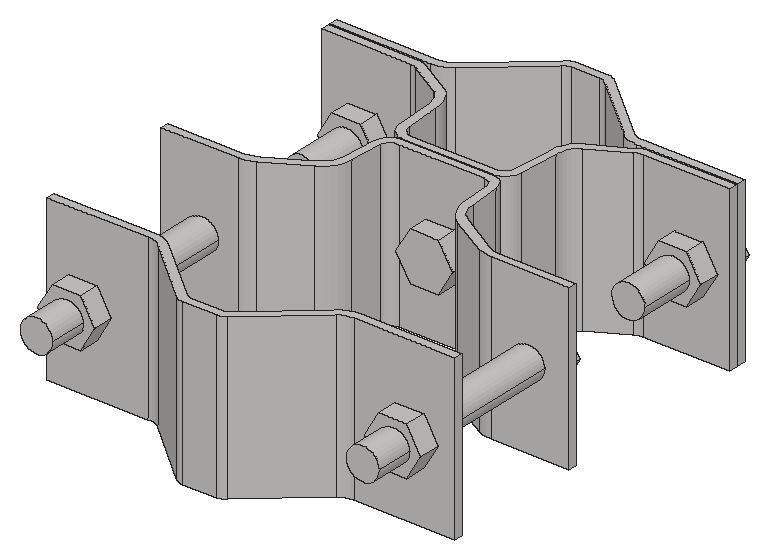
Revit family "FA_КронштейнДляМачтыТрубный_20_75717_EZETEK", category Системы пожарной сигнализации, Revit 2017
Family settings
  Сохранять ориентацию аннотаций = Нет
  Размер круглого соединителя = Использовать радиус
  Тип детали = Нормальный
  На основе рабочей плоскости = Нет
  Всегда вертикально = Да
  При загрузке вырезать с полостями = Нет
  Общий = Да
  Точка расчета площади = Нет
Parameters (values of type "КронштейнДляМачтыТрубный_20_75717")
  Угол = 90.00°  # constant formula
  Производитель_Контакты = "ezetek@ezetek.ru"  # constant formula
  Description = "Кронштейн применяется для закрепления мачт типа СММ или СМЛ на элементы металлических конструкций. Диаметр мачты - от 32 до 63 мм, диаметр трубы - от 32 до 72 мм, просвет крепления 34 мм. Пластины кронштейна выполнены из окрашенной порошковым методом стали, не окрашенные детали оцинкованы. "  # constant formula
  Использовать масштаб аннотаций [instance] = 1 = 0  # 0
  Изготовитель = "Ezetek"  # constant formula
  Группа модели = "Комплектующие для крепления мачт"  # constant formula
  URL = "https://ezetek.ru/"
  ADSK_Этаж [instance] = ""
  ADSK_Примечание [instance] = ""
  ADSK_Позиция [instance] = ""
  ADSK_Обозначение = "75717"
  ADSK_Наименование краткое [instance] = "Кронштейн для мачты"
  ADSK_Наименование = "Кронштейн для мачты 20 мм трубный, сталь"
  ADSK_Материал = BIMLIB_Сталь_Нержавеющая_EZETEK
  ADSK_Масса_Текст = "0.55"  # constant formula
  ADSK_Масса = 0.55  # constant formula
  ADSK_Марка = "75717"
  ADSK_Количество = 1  # constant formula
  ADSK_Код изделия = "75717"
  ADSK_Завод-изготовитель = "Ezetek"  # constant formula
  ADSK_Единица измерения = "шт."  # constant formula
  ADSK_Группирование [instance] = ""
  ADSK_Версия Revit = "2017"  # constant formula
Reference planes
  plane 1 "По центру (Вперед/Назад)": y = 0
  plane 2: z = 0
  plane 3 "По центру (Влево/Вправо)": x = 0
  plane 4: x = -40
  plane 5: x = 40
  plane 6: z = -20
  plane 7: z = 20
  plane 8 "1": y = 44.141
  plane 9 "2": y = -75.859
  plane 10: x = -50
  plane 11: x = 50
  plane 12: y = 42.141
  plane 13: y = 8.266
  plane 14: y = -11.734
Forms (mm)
  Extrusion 1, solid, material "BIMLIB_Сталь_Нержавеющая_EZETEK" <- "ADSK_Материал", detail levels fine
    sketch origin (0, 0, 0) x (1, 0, 0) y (0, 1, 0)
      loop
        line (-25.16, 28.485) -> (-50, 28.485) -> (-50, 26.485) -> (-25.29, 26.485)
        arc (-25.29, 26.485) -> (-22.718, 26.95) -> (-20.473, 28.286) r 7.342
        line (-20.473, 28.286) -> (-5.331, 41.448)
        arc (-5.331, 41.448) -> (-4.468, 41.962) -> (-3.479, 42.141) r 2.824
        line (-3.479, 42.141) -> (3.479, 42.141)
        arc (3.479, 42.141) -> (4.468, 41.962) -> (5.331, 41.448) r 2.824
        line (5.331, 41.448) -> (20.473, 28.286)
        arc (20.473, 28.286) -> (22.718, 26.95) -> (25.29, 26.485) r 7.342
        line (25.29, 26.485) -> (50, 26.485) -> (50, 28.485) -> (25.16, 28.485)
        arc (25.16, 28.485) -> (23.41, 28.801) -> (21.883, 29.71) r 4.995
        line (21.883, 29.71) -> (6.202, 43.341)
        arc (6.202, 43.341) -> (5.205, 43.934) -> (4.063, 44.141) r 3.26
        line (4.063, 44.141) -> (-4.063, 44.141)
        arc (-4.063, 44.141) -> (-5.205, 43.934) -> (-6.202, 43.341) r 3.26
        line (-6.202, 43.341) -> (-21.883, 29.71)
        arc (-21.883, 29.71) -> (-23.41, 28.801) -> (-25.16, 28.485) r 4.995
    from 20 to -20
  Extrusion 2, solid, material "BIMLIB_Сталь_Нержавеющая_EZETEK" <- "ADSK_Материал", detail levels fine
    sketch origin (0, 57.657, 0) x (1, 0, 0) y (0, 1, 0)
      loop
        line (-50, -33.641) -> (-28.399, -33.641)
        arc (-28.399, -33.641) -> (-27.602, -33.746) -> (-26.859, -34.054) r 3.08
        line (-26.859, -34.054) -> (-18.558, -38.846)
        arc (-18.558, -38.846) -> (-16.712, -40.616) -> (-15.895, -43.039) r 5.363
        line (-15.895, -43.039) -> (-14.988, -53.77)
        arc (-14.988, -53.77) -> (-13.669, -56.535) -> (-10.819, -57.657) r 4.179
        line (-10.819, -57.657) -> (10.819, -57.657)
        arc (10.819, -57.657) -> (13.669, -56.535) -> (14.988, -53.77) r 4.179
        line (14.988, -53.77) -> (15.804, -44.116)
        arc (15.804, -44.116) -> (16.191, -41.224) -> (18.164, -39.074) r 4.863
        line (18.164, -39.074) -> (26.67, -34.163)
        arc (26.67, -34.163) -> (27.609, -33.774) -> (28.617, -33.641) r 3.895
        line (28.617, -33.641) -> (50, -33.641) -> (50, -31.641) -> (28.984, -31.641)
        arc (28.984, -31.641) -> (27.675, -31.805) -> (26.446, -32.287) r 5.312
        line (26.446, -32.287) -> (17.316, -37.254)
        arc (17.316, -37.254) -> (14.469, -40.287) -> (13.777, -44.39) r 7.192
        line (13.777, -44.39) -> (13.021, -53.229)
        arc (13.021, -53.229) -> (12.197, -54.956) -> (10.417, -55.657) r 2.61
        line (10.417, -55.657) -> (-10.417, -55.657)
        arc (-10.417, -55.657) -> (-12.197, -54.956) -> (-13.021, -53.229) r 2.61
        line (-13.021, -53.229) -> (-13.777, -44.39)
        arc (-13.777, -44.39) -> (-14.469, -40.287) -> (-17.316, -37.254) r 7.192
        line (-17.316, -37.254) -> (-25.993, -32.244)
        arc (-25.993, -32.244) -> (-27.079, -31.794) -> (-28.244, -31.641) r 4.502
        line (-28.244, -31.641) -> (-50, -31.641) -> (-50, -33.641)
    from 20 to -20
  Extrusion 3, solid, material "BIMLIB_Сталь_Нержавеющая_EZETEK" <- "ADSK_Материал", detail levels fine
    sketch origin (0, 0, 0) x (1, 0, 0) y (0, 1, 0)
      loop
        arc (-15.539, -11.771) -> (-16.534, -14.834) -> (-18.852, -17.072) r 6.658
        line (-18.852, -17.072) -> (-28.107, -22.416)
        arc (-28.107, -22.416) -> (-29.648, -23.054) -> (-31.302, -23.272) r 6.391
        line (-31.302, -23.272) -> (-50, -23.272) -> (-50, -25.272) -> (-30.975, -25.272)
        arc (-30.975, -25.272) -> (-29.119, -25.027) -> (-27.39, -24.311) r 7.17
        line (-27.39, -24.311) -> (-17.555, -18.633)
        arc (-17.555, -18.633) -> (-14.766, -15.94) -> (-13.568, -12.252) r 8.013
        line (-13.568, -12.252) -> (-13.021, -4.428)
        arc (-13.021, -4.428) -> (-12.197, -2.701) -> (-10.417, -2) r 2.61
        line (-10.417, -2) -> (10.417, -2)
        arc (10.417, -2) -> (12.197, -2.701) -> (13.021, -4.428) r 2.61
        line (13.021, -4.428) -> (13.568, -12.252)
        arc (13.568, -12.252) -> (14.766, -15.94) -> (17.555, -18.633) r 8.013
        line (17.555, -18.633) -> (27.39, -24.311)
        arc (27.39, -24.311) -> (29.119, -25.027) -> (30.975, -25.272) r 7.17
        line (30.975, -25.272) -> (50, -25.272) -> (50, -23.272) -> (31.302, -23.272)
        arc (31.302, -23.272) -> (29.648, -23.054) -> (28.107, -22.416) r 6.391
        line (28.107, -22.416) -> (18.852, -17.072)
        arc (18.852, -17.072) -> (16.534, -14.834) -> (15.539, -11.771) r 6.658
        line (15.539, -11.771) -> (14.988, -3.887)
        arc (14.988, -3.887) -> (13.669, -1.123) -> (10.819, 0) r 4.179
        line (10.819, 0) -> (-10.819, 0)
        arc (-10.819, 0) -> (-13.669, -1.123) -> (-14.988, -3.887) r 4.179
        line (-14.988, -3.887) -> (-15.539, -11.771)
    from 20 to -20
  Extrusion 4, solid, material "BIMLIB_Сталь_Нержавеющая_EZETEK" <- "ADSK_Материал", detail levels fine
    sketch origin (0, -31.719, 0) x (1, 0, 0) y (0, 1, 0)
      loop
        arc (-25.16, -28.485) -> (-23.41, -28.801) -> (-21.883, -29.71) r 4.995
        line (-21.883, -29.71) -> (-6.202, -43.341)
        arc (-6.202, -43.341) -> (-5.205, -43.934) -> (-4.063, -44.141) r 3.26
        line (-4.063, -44.141) -> (4.063, -44.141)
        arc (4.063, -44.141) -> (5.205, -43.934) -> (6.202, -43.341) r 3.26
        line (6.202, -43.341) -> (21.883, -29.71)
        arc (21.883, -29.71) -> (23.41, -28.801) -> (25.16, -28.485) r 4.995
        line (25.16, -28.485) -> (50, -28.485) -> (50, -26.485) -> (25.29, -26.485)
        arc (25.29, -26.485) -> (22.718, -26.95) -> (20.473, -28.286) r 7.342
        line (20.473, -28.286) -> (5.331, -41.448)
        arc (5.331, -41.448) -> (4.468, -41.962) -> (3.479, -42.141) r 2.824
        line (3.479, -42.141) -> (-3.479, -42.141)
        arc (-3.479, -42.141) -> (-4.468, -41.962) -> (-5.331, -41.448) r 2.824
        line (-5.331, -41.448) -> (-20.473, -28.286)
        arc (-20.473, -28.286) -> (-22.718, -26.95) -> (-25.29, -26.485) r 7.342
        line (-25.29, -26.485) -> (-50, -26.485) -> (-50, -28.485) -> (-25.16, -28.485)
    from 20 to -20
  Extrusion 5, solid, material "BIMLIB_Сталь_Нержавеющая_EZETEK", detail levels fine
    sketch origin (11.462, 0, 0) x (1, 0, 0) y (0, 0, 1)
      loop
        circle (-51.462, 0) r 4
      loop
        circle (28.538, 0) r 4
    from -5.4 to -19.001
  Extrusion 6, solid, material "BIMLIB_Сталь_Нержавеющая_EZETEK", detail levels fine
    sketch origin (11.462, -47.725, 0) x (1, 0, 0) y (0, 0, 1)
      loop
        circle (-51.462, 0) r 4
      loop
        circle (28.538, 0) r 4
    from 28.134 to -22.454
  Extrusion 7, solid, material "BIMLIB_Сталь_Нержавеющая_EZETEK", detail levels fine
    sketch origin (11.462, 0, 0) x (1, 0, 0) y (0, 0, 1)
      loop
        line (-54.926, 6) -> (-58.39, 0) -> (-54.926, -6) -> (-47.998, -6) -> (-44.534, 0) -> (-47.998, 6) -> (-54.926, 6)
    from -28.485 to -33.5
  Extrusion 8, solid, material "BIMLIB_Сталь_Нержавеющая_EZETEK", detail levels fine
    sketch origin (11.462, -9.484, 0) x (1, 0, 0) y (0, 0, 1)
      loop
        line (-54.926, 6) -> (-58.39, 0) -> (-54.926, -6) -> (-47.998, -6) -> (-44.534, 0) -> (-47.998, 6) -> (-54.926, 6)
    from -28.485 to -33.5
  Extrusion 9, solid, material "BIMLIB_Сталь_Нержавеющая_EZETEK", detail levels fine
    sketch origin (-11.462, 0, 0) x (-1, 0, 0) y (0, 0, -1)
      loop
        line (-54.926, -6) -> (-47.998, -6) -> (-44.534, 0) -> (-47.998, 6) -> (-54.926, 6) -> (-58.39, 0) -> (-54.926, -6)
    from -28.485 to -33.5
  Extrusion 10, solid, material "BIMLIB_Сталь_Нержавеющая_EZETEK", detail levels fine
    sketch origin (-11.462, -9.484, 0) x (-1, 0, 0) y (0, 0, -1)
      loop
        line (-54.926, -6) -> (-47.998, -6) -> (-44.534, 0) -> (-47.998, 6) -> (-54.926, 6) -> (-58.39, 0) -> (-54.926, -6)
    from -28.485 to -33.5
  Extrusion 11, solid, material "BIMLIB_Сталь_Нержавеющая_EZETEK", detail levels fine
    sketch origin (11.462, -51.757, 0) x (1, 0, 0) y (0, 0, 1)
      loop
        line (-54.926, 6) -> (-58.39, 0) -> (-54.926, -6) -> (-47.998, -6) -> (-44.534, 0) -> (-47.998, 6) -> (-54.926, 6)
    from -28.485 to -33.5
  Extrusion 12, solid, material "BIMLIB_Сталь_Нержавеющая_EZETEK", detail levels fine
    sketch origin (-11.462, -51.757, 0) x (-1, 0, 0) y (0, 0, -1)
      loop
        line (-54.926, -6) -> (-47.998, -6) -> (-44.534, 0) -> (-47.998, 6) -> (-54.926, 6) -> (-58.39, 0) -> (-54.926, -6)
    from -28.485 to -33.5
  Extrusion 13, solid, material "BIMLIB_Сталь_Нержавеющая_EZETEK", detail levels fine
    sketch origin (11.462, -95.181, 0) x (1, 0, 0) y (0, 0, 1)
      loop
        line (-54.926, 6) -> (-58.39, 0) -> (-54.926, -6) -> (-47.998, -6) -> (-44.534, 0) -> (-47.998, 6) -> (-54.926, 6)
    from -28.485 to -33.5
  Extrusion 14, solid, material "BIMLIB_Сталь_Нержавеющая_EZETEK", detail levels fine
    sketch origin (-11.462, -95.181, 0) x (-1, 0, 0) y (0, 0, -1)
      loop
        line (-54.926, -6) -> (-47.998, -6) -> (-44.534, 0) -> (-47.998, 6) -> (-54.926, 6) -> (-58.39, 0) -> (-54.926, -6)
    from -28.485 to -33.5
  Extrusion 15, solid, material "BIMLIB_Сталь_Нержавеющая_EZETEK", detail levels fine
    sketch origin (51.462, -35.5, 0) x (1, 0, 0) y (0, 0, 1)
      loop
        line (-54.926, 6) -> (-58.39, 0) -> (-54.926, -6) -> (-47.998, -6) -> (-44.534, 0) -> (-47.998, 6) -> (-54.926, 6)
    from -28.485 to -33.5
  Extrusion 16, solid, material "BIMLIB_Сталь_Нержавеющая_EZETEK", detail levels fine
    sketch origin (51.462, 35.5, 0) x (1, 0, 0) y (0, 0, -1)
      loop
        line (-54.926, -6) -> (-47.998, -6) -> (-44.534, 0) -> (-47.998, 6) -> (-54.926, 6) -> (-58.39, 0) -> (-54.926, -6)
    from -28.485 to -33.5
Dimensions and locks
  equal spacing: plane 7, plane 2, plane 6
  locked: plane 7 to plane 2 at 20
  locked: plane 8 "1" to plane 9 "2" at 120
  equal spacing: plane 10, plane 3 "По центру (Влево/Вправо)", plane 11
  equal spacing: plane 4, plane 3 "По центру (Влево/Вправо)", plane 5
  locked: plane 4 to plane 3 "По центру (Влево/Вправо)" at 40
  locked: plane 10 to plane 3 "По центру (Влево/Вправо)" at 50
  locked: plane 13 to plane 14 at 20
  plane 3 "По центру (Влево/Вправо)" to Extrusion 3 = 50 mm
  plane 8 "1" to plane 13 = 35.875 mm
  plane 14 to plane 9 "2" = 64.125 mm
  aligned and locked: level to plane 2
  aligned and locked: Extrusion 1 sketch curve to plane 10
  aligned and locked: plane 7 to Extrusion 2
  aligned and locked: Extrusion 2 to plane 6
  aligned and locked: plane 7 to Extrusion 1
  aligned and locked: Extrusion 1 to plane 6
  aligned and locked: plane 7 to Extrusion 3
Automatic sketch dimensions
  Extrusion 1 sketch curve to plane 8 "1" = 0 mm
  Extrusion 1 sketch curve to plane 12 = 0 mm
  Extrusion 1 sketch curve to plane 11 = 0 mm
  plane 4 to Extrusion 1 sketch curve = 14.71 mm
  Extrusion 1 sketch curve to Extrusion 1 sketch curve = 0.13 mm  (x2)
  Extrusion 1 sketch curve to Extrusion 1 sketch curve = 3.277 mm  (x2)
  Extrusion 1 sketch curve to Extrusion 1 sketch curve = 1.41 mm  (x2)
  Extrusion 1 sketch curve to plane 8 "1" = 0.8 mm  (x2)
  Extrusion 1 sketch curve to plane 3 "По центру (Влево/Вправо)" = 6.202 mm
  Extrusion 1 sketch curve to plane 12 = 0.693 mm  (x2)
  Extrusion 1 sketch curve to Extrusion 1 sketch curve = 0.871 mm  (x2)
  Extrusion 1 sketch curve to Extrusion 1 sketch curve = 2.139 mm
  Extrusion 1 sketch curve to Extrusion 1 sketch curve = 0.585 mm  (x2)
  plane 3 "По центру (Влево/Вправо)" to Extrusion 1 sketch curve = 3.479 mm
  Extrusion 1 sketch curve to Extrusion 1 sketch curve = 1.268 mm
  plane 5 to Extrusion 1 sketch curve = 19.527 mm
  Extrusion 1 sketch curve to plane 12 = 8.313 mm  (x2)
  Extrusion 1 sketch curve to Extrusion 1 sketch curve = 0.348 mm  (x2)
  Extrusion 1 sketch curve to Extrusion 1 sketch curve = 3.77 mm  (x2)
  Extrusion 1 sketch curve to Extrusion 1 sketch curve = 1.424 mm  (x2)
  Extrusion 2 sketch curve to plane 10 = 0 mm
  plane 1 "По центру (Вперед/Назад)" to Extrusion 2 sketch curve = 0 mm
  Extrusion 2 sketch curve to plane 11 = 0 mm
  Extrusion 2 sketch curve to plane 4 = 11.601 mm
  Extrusion 2 sketch curve to Extrusion 2 sketch curve = 0.155 mm
  Extrusion 2 sketch curve to Extrusion 2 sketch curve = 1.54 mm
  Extrusion 2 sketch curve to Extrusion 2 sketch curve = 0.866 mm
  Extrusion 2 sketch curve to Extrusion 2 sketch curve = 7.16 mm
  Extrusion 2 sketch curve to Extrusion 2 sketch curve = 0.327 mm
  Extrusion 2 sketch curve to plane 13 = 10.545 mm
  Extrusion 2 sketch curve to Extrusion 2 sketch curve = 2.354 mm
  Extrusion 2 sketch curve to Extrusion 2 sketch curve = 1.242 mm
  Extrusion 2 sketch curve to plane 13 = 6.353 mm
  Extrusion 2 sketch curve to Extrusion 2 sketch curve = 2.662 mm
  plane 1 "По центру (Вперед/Назад)" to Extrusion 2 sketch curve = 3.887 mm  (x2)
  Extrusion 2 sketch curve to Extrusion 2 sketch curve = 0.908 mm
  Extrusion 2 sketch curve to plane 13 = 5.002 mm  (x2)
  Extrusion 2 sketch curve to Extrusion 2 sketch curve = 2.118 mm
  plane 13 to Extrusion 2 sketch curve = 3.837 mm  (x2)
  Extrusion 2 sketch curve to Extrusion 2 sketch curve = 1.967 mm  (x2)
  Extrusion 2 sketch curve to Extrusion 2 sketch curve = 2.202 mm  (x2)
  Extrusion 2 sketch curve to Extrusion 2 sketch curve = 0.402 mm  (x2)
  plane 1 "По центру (Вперед/Назад)" to Extrusion 2 sketch curve = 2 mm
  Extrusion 2 sketch curve to plane 3 "По центру (Влево/Вправо)" = 10.417 mm
  Extrusion 2 sketch curve to Extrusion 2 sketch curve = 0.757 mm
  Extrusion 2 sketch curve to plane 13 = 5.276 mm
  Extrusion 2 sketch curve to Extrusion 2 sketch curve = 2.027 mm
  Extrusion 2 sketch curve to plane 13 = 12.138 mm
  Extrusion 2 sketch curve to Extrusion 2 sketch curve = 1.512 mm
  Extrusion 2 sketch curve to plane 13 = 10.318 mm
  Extrusion 2 sketch curve to Extrusion 2 sketch curve = 0.849 mm
  Extrusion 2 sketch curve to Extrusion 2 sketch curve = 4.792 mm
  Extrusion 2 sketch curve to Extrusion 2 sketch curve = 0.316 mm
  Extrusion 2 sketch curve to Extrusion 2 sketch curve = 9.13 mm
  Extrusion 2 sketch curve to Extrusion 2 sketch curve = 0.224 mm
  Extrusion 2 sketch curve to Extrusion 2 sketch curve = 1.948 mm
  Extrusion 2 sketch curve to Extrusion 2 sketch curve = 0.367 mm
  Extrusion 2 sketch curve to Extrusion 2 sketch curve = 1.592 mm
  Extrusion 2 sketch curve to Extrusion 2 sketch curve = 6.529 mm
  Extrusion 2 sketch curve to Extrusion 2 sketch curve = 6.769 mm
  Extrusion 2 sketch curve to Extrusion 2 sketch curve = 0.578 mm
  Extrusion 2 sketch curve to Extrusion 2 sketch curve = 2.79 mm
  Extrusion 2 sketch curve to Extrusion 2 sketch curve = 2.089 mm
  Extrusion 2 sketch curve to Extrusion 2 sketch curve = 3.312 mm
  Extrusion 2 sketch curve to Extrusion 2 sketch curve = 1.876 mm
  Extrusion 2 sketch curve to Extrusion 2 sketch curve = 1.81 mm
  Extrusion 3 sketch curve to plane 10 = 0 mm
  plane 1 "По центру (Вперед/Назад)" to Extrusion 3 sketch curve = 0 mm
  Extrusion 3 sketch curve to plane 11 = 0 mm
  plane 4 to Extrusion 3 sketch curve = 8.698 mm
  Extrusion 3 sketch curve to Extrusion 3 sketch curve = 0.327 mm  (x2)
  Extrusion 3 sketch curve to Extrusion 3 sketch curve = 3.195 mm
  Extrusion 3 sketch curve to Extrusion 3 sketch curve = 0.717 mm  (x2)
  plane 14 to Extrusion 3 sketch curve = 0.428 mm  (x2)
  Extrusion 3 sketch curve to Extrusion 3 sketch curve = 9.121 mm
  plane 14 to Extrusion 3 sketch curve = 0.041 mm  (x2)
  Extrusion 3 sketch curve to Extrusion 3 sketch curve = 0.619 mm
  Extrusion 3 sketch curve to plane 14 = 5.338 mm  (x2)
  Extrusion 3 sketch curve to Extrusion 3 sketch curve = 2.71 mm
  Extrusion 3 sketch curve to plane 14 = 6.899 mm  (x2)
  Extrusion 3 sketch curve to Extrusion 3 sketch curve = 1.297 mm  (x2)
  Extrusion 3 sketch curve to plane 14 = 0.036 mm  (x2)
  plane 1 "По центру (Вперед/Назад)" to Extrusion 3 sketch curve = 3.887 mm  (x2)
  Extrusion 3 sketch curve to Extrusion 3 sketch curve = 0.551 mm
  Extrusion 3 sketch curve to plane 14 = 0.518 mm  (x2)
  plane 1 "По центру (Вперед/Назад)" to Extrusion 3 sketch curve = 4.428 mm  (x2)
  Extrusion 3 sketch curve to Extrusion 3 sketch curve = 1.967 mm  (x2)
  Extrusion 3 sketch curve to Extrusion 3 sketch curve = 2.202 mm  (x2)
  Extrusion 3 sketch curve to Extrusion 3 sketch curve = 0.402 mm  (x2)
  plane 1 "По центру (Вперед/Назад)" to Extrusion 3 sketch curve = 4.61 mm
  plane 3 "По центру (Влево/Вправо)" to Extrusion 3 sketch curve = 10.417 mm
  Extrusion 3 sketch curve to Extrusion 3 sketch curve = 0.547 mm
  Extrusion 3 sketch curve to Extrusion 3 sketch curve = 1.971 mm
  Extrusion 3 sketch curve to Extrusion 3 sketch curve = 2.016 mm
  Extrusion 3 sketch curve to Extrusion 3 sketch curve = 8.538 mm
  Extrusion 3 sketch curve to Extrusion 3 sketch curve = 2.868 mm
  Extrusion 3 sketch curve to plane 14 = 10.681 mm  (x2)
  Extrusion 3 sketch curve to Extrusion 3 sketch curve = 0.856 mm  (x2)
  Extrusion 3 sketch curve to Extrusion 3 sketch curve = 1.896 mm  (x2)
  Extrusion 3 sketch curve to Extrusion 3 sketch curve = 2 mm  (x2)
  Extrusion 4 sketch curve to plane 10 = 0 mm
  plane 9 "2" to Extrusion 4 sketch curve = 0 mm
  Extrusion 4 sketch curve to plane 11 = 0 mm
  Extrusion 4 sketch curve to plane 4 = 14.71 mm
  Extrusion 4 sketch curve to Extrusion 4 sketch curve = 0.13 mm  (x2)
  Extrusion 4 sketch curve to Extrusion 4 sketch curve = 3.277 mm  (x2)
  Extrusion 4 sketch curve to Extrusion 4 sketch curve = 1.41 mm  (x2)
  plane 9 "2" to Extrusion 4 sketch curve = 0.8 mm  (x2)
  plane 3 "По центру (Влево/Вправо)" to Extrusion 4 sketch curve = 6.202 mm
  plane 9 "2" to Extrusion 4 sketch curve = 2.693 mm  (x2)
  Extrusion 4 sketch curve to Extrusion 4 sketch curve = 0.871 mm  (x2)
  Extrusion 4 sketch curve to Extrusion 4 sketch curve = 2.139 mm
  Extrusion 4 sketch curve to Extrusion 4 sketch curve = 0.585 mm  (x2)
  Extrusion 4 sketch curve to plane 3 "По центру (Влево/Вправо)" = 3.479 mm
  Extrusion 4 sketch curve to Extrusion 4 sketch curve = 1.268 mm
  Extrusion 4 sketch curve to plane 5 = 19.527 mm
  Extrusion 4 sketch curve to Extrusion 4 sketch curve = 1.564 mm
  plane 9 "2" to Extrusion 4 sketch curve = 10.313 mm  (x2)
  Extrusion 4 sketch curve to Extrusion 4 sketch curve = 0.348 mm  (x2)
  Extrusion 4 sketch curve to Extrusion 4 sketch curve = 3.77 mm  (x2)
  Extrusion 4 sketch curve to Extrusion 4 sketch curve = 1.424 mm  (x2)
  Extrusion 5 sketch curve to level = 0 mm  (x2)
  Extrusion 5 sketch curve to plane 4 = 0 mm
  plane 5 to Extrusion 5 sketch curve = 0 mm
  Extrusion 6 sketch curve to level = 0 mm  (x2)
  Extrusion 6 sketch curve to plane 4 = 0 mm
  plane 5 to Extrusion 6 sketch curve = 0 mm
  Extrusion 8 sketch curve to level = 0 mm  (x2)
  plane 10 to Extrusion 8 sketch curve = 3.072 mm
  Extrusion 8 sketch curve to plane 4 = 3.464 mm  (x2)
  plane 4 to Extrusion 8 sketch curve = 3.464 mm  (x2)
  Extrusion 8 sketch curve to Extrusion 8 sketch curve = 3.464 mm
  Extrusion 8 sketch curve to level = 6 mm
  level to Extrusion 8 sketch curve = 6 mm
  Extrusion 9 sketch curve to level = 0 mm  (x2)
  Extrusion 9 sketch curve to plane 11 = 3.072 mm
  Extrusion 9 sketch curve to plane 5 = 3.464 mm  (x2)
  plane 5 to Extrusion 9 sketch curve = 3.464 mm  (x2)
  Extrusion 9 sketch curve to Extrusion 9 sketch curve = 3.464 mm
  level to Extrusion 9 sketch curve = 6 mm
  Extrusion 9 sketch curve to level = 6 mm
  Extrusion 10 sketch curve to level = 0 mm  (x2)
  Extrusion 10 sketch curve to plane 11 = 3.072 mm
  Extrusion 10 sketch curve to plane 5 = 3.464 mm  (x2)
  plane 5 to Extrusion 10 sketch curve = 3.464 mm  (x2)
  Extrusion 10 sketch curve to Extrusion 10 sketch curve = 3.464 mm
  level to Extrusion 10 sketch curve = 6 mm
  Extrusion 10 sketch curve to level = 6 mm
  Extrusion 11 sketch curve to level = 0 mm  (x2)
  plane 10 to Extrusion 11 sketch curve = 3.072 mm
  Extrusion 11 sketch curve to plane 4 = 3.464 mm  (x2)
  plane 4 to Extrusion 11 sketch curve = 3.464 mm  (x2)
  Extrusion 11 sketch curve to Extrusion 11 sketch curve = 3.464 mm
  Extrusion 11 sketch curve to level = 6 mm
  level to Extrusion 11 sketch curve = 6 mm
  Extrusion 12 sketch curve to level = 0 mm  (x2)
  Extrusion 12 sketch curve to plane 11 = 3.072 mm
  Extrusion 12 sketch curve to plane 5 = 3.464 mm  (x2)
  plane 5 to Extrusion 12 sketch curve = 3.464 mm  (x2)
  Extrusion 12 sketch curve to Extrusion 12 sketch curve = 3.464 mm
  level to Extrusion 12 sketch curve = 6 mm
  Extrusion 12 sketch curve to level = 6 mm
  Extrusion 13 sketch curve to level = 0 mm  (x2)
  plane 10 to Extrusion 13 sketch curve = 3.072 mm
  Extrusion 13 sketch curve to plane 4 = 3.464 mm  (x2)
  plane 4 to Extrusion 13 sketch curve = 3.464 mm  (x2)
  Extrusion 13 sketch curve to Extrusion 13 sketch curve = 3.464 mm
  Extrusion 13 sketch curve to level = 6 mm
  level to Extrusion 13 sketch curve = 6 mm
  Extrusion 14 sketch curve to level = 0 mm  (x2)
  Extrusion 14 sketch curve to plane 11 = 3.072 mm
  Extrusion 14 sketch curve to plane 5 = 3.464 mm  (x2)
  plane 5 to Extrusion 14 sketch curve = 3.464 mm  (x2)
  Extrusion 14 sketch curve to Extrusion 14 sketch curve = 3.464 mm
  level to Extrusion 14 sketch curve = 6 mm
  Extrusion 14 sketch curve to level = 6 mm
  Extrusion 15 sketch curve to level = 0 mm  (x2)
  Extrusion 15 sketch curve to plane 3 "По центру (Влево/Вправо)" = 6.928 mm
  Extrusion 15 sketch curve to plane 3 "По центру (Влево/Вправо)" = 3.464 mm  (x2)
  plane 3 "По центру (Влево/Вправо)" to Extrusion 15 sketch curve = 3.464 mm  (x2)
  plane 3 "По центру (Влево/Вправо)" to Extrusion 15 sketch curve = 6.928 mm
  Extrusion 15 sketch curve to level = 6 mm
  level to Extrusion 15 sketch curve = 6 mm
  Extrusion 16 sketch curve to level = 0 mm  (x2)
  Extrusion 16 sketch curve to plane 3 "По центру (Влево/Вправо)" = 6.928 mm
  Extrusion 16 sketch curve to plane 3 "По центру (Влево/Вправо)" = 3.464 mm  (x2)
  plane 3 "По центру (Влево/Вправо)" to Extrusion 16 sketch curve = 3.464 mm  (x2)
  plane 3 "По центру (Влево/Вправо)" to Extrusion 16 sketch curve = 6.928 mm
  level to Extrusion 16 sketch curve = 6 mm
  Extrusion 16 sketch curve to level = 6 mm
  radius of Extrusion 5 sketch curve = 4 mm  (x2)
  radius of Extrusion 6 sketch curve = 4 mm  (x2)
